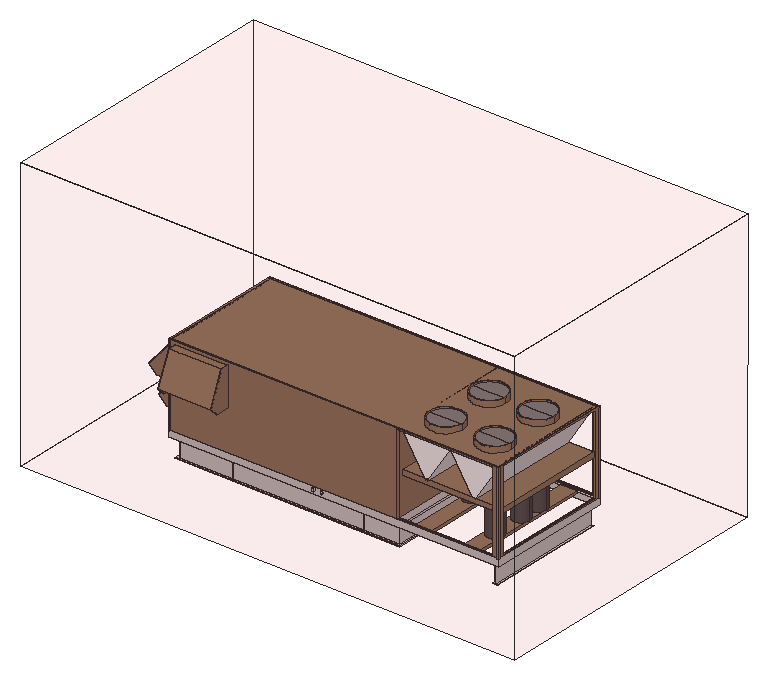
Revit family (continued)
Definition of nested family "Commercial_Comfort_Systems-Series_40-JCI-Unit_Cabinet-Bottom_Supply_And_Return-Water_Heating"
  Forms (in)
    Revolve 11, void, detail levels medium+fine
      sketch origin (0, -39.54, 0) x (-1, 0, 0) y (0, 0, 1)
        loop
          line (6.68719, 5.125) -> (6.68719, 0) -> (8.49969, 0) -> (8.49969, 5.125) -> (6.68719, 5.125)
        axis (8.49969, 0) -> (8.49969, 5.125)
      angle from 0 to 360
    Extrusion 12, solid, material "Metal - JCI - Steel - Galvanized - Screen" <- "Screen Material", detail levels fine
      sketch origin (0, 0, 0) x (-1, 0, 0) y (0, -1, 0)
        loop
          line (-46.18781, -46) -> (-46.18781, -45) -> (-115.50031, -45) -> (-115.50031, -46) -> (-46.18781, -46)
        loop
          line (-119.00031, -42) -> (-119.00031, 42) -> (-120.00031, 42) -> (-120.00031, -42) -> (-119.00031, -42)
        loop
          line (-46.18781, 45) -> (-46.18781, 46) -> (-115.50031, 46) -> (-115.50031, 45) -> (-46.18781, 45)
      from 5.125 to 63.5
    Extrusion 13, void
      sketch origin (0, 0, 0) x (1, 0, 0) y (0, 1, 0)
        loop
          circle (20.43781, -34.12) r 2
        loop
          circle (41.63781, -37.62) r 2
      from 0 to 4.625
  Cuts and joins
    Extrusion 10, Revolve 11, Extrusion 13 cuts Extrusion 6
  Lines and regions (in)
    Masking region 1
      outline origin (0, 0, 0) x (1, 0, 0) y (0, 1, 0)
        loop
          line (-119.99969, 46) -> (-119.99969, -46) -> (120.00031, -46) -> (120.00031, 46) -> (-119.99969, 46)
    Masking region 2, detail levels medium+fine
      outline origin (0, -45, 0) x (-1, 0, 0) y (0, 0, 1)
        loop
          line (119.99969, 64) -> (-120.00031, 64) -> (-120.00031, 0) -> (119.99969, 0) -> (119.99969, 64)
        loop
          line (-46.18781, 4.625) -> (-46.18781, 63.5) -> (-115.50031, 63.5) -> (-115.50031, 4.625) -> (-46.18781, 4.625)
    Masking region 3, detail levels medium+fine
      outline origin (120.00031, 0, 0) x (0, -1, 0) y (0, 0, 1)
        loop
          line (46, 64) -> (-46, 64) -> (-46, 0) -> (46, 0) -> (46, 64)
        loop
          line (42, 63.5) -> (-42, 63.5) -> (-42, 5.125) -> (42, 5.125) -> (42, 63.5)
    Masking region 4
      outline origin (0.00031, 0, 0) x (0, 1, 0) y (0, 0, 1)
        loop
          line (46, 64) -> (-46, 64) -> (-46, 0) -> (46, 0) -> (46, 64)
    Masking region 5, detail levels medium+fine
      outline origin (-119.99969, 0, 0) x (0, -1, 0) y (0, 0, 1)
        loop
          line (-46, 64) -> (-46, 0) -> (46, 0) -> (46, 64) -> (-46, 64)
        loop
          line (-39.5, 62) -> (-39.5, 33.89844) -> (39.5, 33.89844) -> (39.5, 62) -> (-39.5, 62)
        loop
          line (-29.75977, 29.36) -> (-29.75977, 7.94) -> (29.75977, 7.94) -> (29.75977, 29.36) -> (-29.75977, 29.36)
    Masking region 6, detail levels coarse
      outline origin (0, 0, 0) x (1, 0, 0) y (0, 0, 1)
        loop
          line (-119.99969, 64) -> (-119.99969, 0) -> (120.00031, 0) -> (120.00031, 64) -> (-119.99969, 64)
    Masking region 7
      outline origin (0, 45, 0) x (-1, 0, 0) y (0, 0, 1)
        loop
          line (-120.00031, 64) -> (-120.00031, 0) -> (119.99969, 0) -> (119.99969, 64) -> (-120.00031, 64)
        loop
          line (-115.50031, 63.5) -> (-115.50031, 5.125) -> (-46.18781, 5.125) -> (-46.18781, 63.5) -> (-115.50031, 63.5)
    model lines, style "Frame Unit", detail levels coarse
      curve 1: line (-119.99969, 46, 64) -> (120.00031, 46, 64)
      curve 2: line (-119.99969, 46, 64) -> (-119.99969, -46, 64)
      curve 3: line (-119.99969, -46, 64) -> (120.00031, -46, 64)
      curve 4: line (120.00031, 46, 64) -> (120.00031, -46, 64)
      curve 5: line (-119.99969, 46, 64) -> (-119.99969, 46, 0)
      curve 6: line (120.00031, 46, 64) -> (120.00031, 46, 0)
      curve 7: line (-119.99969, -46, 64) -> (-119.99969, -46, 0)
      curve 8: line (120.00031, -46, 64) -> (120.00031, -46, 0)
      curve 9: line (46.18781, -46, 63.5) -> (115.50031, -46, 63.5)
      curve 10: line (46.18781, -46, 63.5) -> (46.18781, -46, 5.125)
      curve 11: line (46.18781, -46, 5.125) -> (115.50031, -46, 5.125)
      curve 12: line (115.50031, -46, 63.5) -> (115.50031, -46, 5.125)
      curve 13: line (46.18781, 46, 63.5) -> (115.50031, 46, 63.5)
      curve 14: line (115.50031, 46, 63.5) -> (115.50031, 46, 5.125)
      curve 15: line (115.50031, 46, 5.125) -> (46.18781, 46, 5.125)
      curve 16: line (46.18781, 46, 5.125) -> (46.18781, 46, 63.5)
      curve 17: line (120.00031, -42, 63.5) -> (120.00031, 42, 63.5)
      curve 18: line (120.00031, -42, 63.5) -> (120.00031, -42, 5.125)
      curve 19: line (120.00031, -42, 5.125) -> (120.00031, 42, 5.125)
      curve 20: line (120.00031, 42, 63.5) -> (120.00031, 42, 5.125)
      curve 21: line (18.18781, 41.5, 0) -> (44.18781, 41.5, 0)
      curve 22: line (18.18781, -30.10938, 0) -> (44.18781, -30.10938, 0)
      curve 23: line (44.18781, 41.5, 0) -> (44.18781, -30.10938, 0)
      curve 24: line (46.18781, 44, 0) -> (117.50031, 44, 0)
      curve 25: line (117.50031, 44, 0) -> (117.50031, -44, 0)
      curve 26: line (117.50031, -44, 0) -> (46.18781, -44, 0)
      curve 27: line (46.18781, -44, 0) -> (46.18781, 44, 0)
      curve 28: line (-119.99969, 46, 0) -> (120.00031, 46, 0)
      curve 29: line (-119.99969, -46, 0) -> (-119.99969, 46, 0)
      curve 30: line (120.00031, -46, 0) -> (-119.99969, -46, 0)
      curve 31: line (120.00031, 46, 0) -> (120.00031, -46, 0)
      curve 34: line (18.18781, 41.5, 0) -> (18.18781, -30.10938, 0)
      curve 35: line (-115.49969, 41.5, 0) -> (-76.90984, 41.5, 0)
      curve 36: line (-76.90984, 41.5, 0) -> (-76.90984, -41.5, 0)
      curve 37: line (-76.90984, -41.5, 0) -> (-115.49969, -41.5, 0)
      curve 38: line (-115.49969, -41.5, 0) -> (-115.49969, 41.5, 0)
    symbolic lines, style "Frame Unit", detail levels medium+fine
      curve 32: line (0.00031, -46, 4.625) -> (0.00031, 46, 4.625)
      curve 33: line (-119.99969, 46, 4.625) -> (120.00031, 46, 4.625)
    symbolic lines, style "Frame Unit", detail levels fine
      curve 39: line (46.18781, 0, 35.625) -> (115.50031, 0, 35.625)
      curve 40: line (46.18781, 0, 32) -> (115.50031, 0, 32)
      curve 41: line (119.00031, -42, 35.625) -> (119.00031, 42, 35.625)
      curve 42: line (120.00031, 42, 32) -> (120.00031, -42, 32)
  Dimensions and locks (in)
    "Length": plane 4 "Left of Unit" to plane 5 "Right of Unit"
    equal spacing: plane 7 "Back of Unit", plane 1 "Center (Front/Back)", plane 6 "Front of Unit"
    "Width": plane 7 "Back of Unit" to plane 6 "Front of Unit"
    "Height": plane 8 "Top of Unit" to plane 20 "Base Bottom"
    locked: plane 4 "Left of Unit" to plane 9 "Left Inset" at 1
    locked: plane 10 "Filters and Driers Right" to plane 5 "Right of Unit" at 4.5
    locked: plane 13 "Front Inset" to plane 6 "Front of Unit" at 1
    locked: plane 16 "Back Of Unit Inset" to plane 7 "Back of Unit" at 1
    locked: plane 17 "Right of Unit Inset" to plane 5 "Right of Unit" at 1
    equal spacing: plane 8 "Top of Unit", plane 19 "Center (Elevation)", plane 20 "Base Bottom"
    locked: plane 2 "Bottom of Unit" to plane 20 "Base Bottom" at 4.625
    locked: plane 21 "Open Right" to plane 5 "Right of Unit" at 2.5
    locked: plane 24 "Supply Air Back" to plane 7 "Back of Unit" at 4.5
    locked: plane 25 "Supply Air Front" to plane 24 "Supply Air Back" at 71.60938
    locked: plane 26 "Open Back" to plane 7 "Back of Unit" at 2
    locked: plane 27 "Open Front" to plane 6 "Front of Unit" at 2
    locked: plane 23 "Supply Air Left" to plane 22 "Supply Air Right" at 26
    locked: plane 7 "Back of Unit" to plane 30 "Fan Back" at 30.66667
    locked: plane 8 "Top of Unit" to plane 32 "Exhaust Air Bottom" at 30.10156
    locked: plane 34 "Compressor Acces Front" to plane 6 "Front of Unit" at 4
    locked: plane 35 "Compressor Access Back" to plane 7 "Back of Unit" at 4
    locked: plane 22 "Supply Air Right" to plane 5 "Right of Unit" at 75.8125
    locked: plane 36 "Condenser Base" to plane 19 "Center (Elevation)" at 3.625
    locked: plane 12 "Filters and Driers Left" to Extrusion 8 sketch curve at 1
    equal spacing: Extrusion 9 sketch curve, plane 28 "Right Condenser Fans", Extrusion 9 sketch curve
    locked: Extrusion 9 sketch curve to Extrusion 9 sketch curve at 12  (x2)
    locked: plane 4 "Left of Unit" to plane 37 "Rain Hood Left" at 4.5
    locked: plane 37 "Rain Hood Left" to plane 38 "Rain Hood Right" at 38.58984
    plane 39 "Power Exhaust Bottom" to plane 20 "Base Bottom" = 7.94"
    locked: plane 18 "Bottom Inset" to plane 2 "Bottom of Unit" at 0.5
    locked: plane 8 "Top of Unit" to plane 11 "Top Inset" at 0.5
    locked: plane 8 "Top of Unit" to plane 40 "Economizer Top" at 2
    plane 1 "Center (Front/Back)" to plane 41 "Return Air Front" = 41 1/2"
    locked: plane 43 "Center of Conection Opening" to plane 20 "Base Bottom" at 3.0625
    locked: plane 44 "Electrical Connection L/R" to plane 5 "Right of Unit" at 128.5
    locked: plane 45 "Electrical Connectio F/B" to plane 6 "Front of Unit" at 6.46
    "Front Electric Connection Radius": Extrusion 10 sketch curve to plane 44 "Electrical Connection L/R"
    "Front Electric Connection Radius": plane 43 "Center of Conection Opening" to Extrusion 10 sketch curve
    "Electric Connection Radius": Revolve 11 sketch curve to Revolve 11 sketch curve
    equal spacing: plane 4 "Left of Unit", plane 3 "Center (Left/Right)", plane 5 "Right of Unit"
    equal spacing: plane 37 "Rain Hood Left", plane 31 "Center of Economizer L/R", plane 38 "Rain Hood Right"
    locked: plane 42 "Power Exhaust Top" to plane 20 "Base Bottom" at 29.36
    locked: plane 22 "Supply Air Right" to plane 12 "Filters and Driers Left" at 2
    plane 28 "Right Condenser Fans" to plane 5 "Right of Unit" = 20 15/32"
    locked: plane 30 "Fan Back" to plane 29 "Fan Front" at 39.31
    equal spacing: Extrusion 9 sketch curve, plane 33 "Left Condenser Fans", Extrusion 9 sketch curve
    locked: plane 33 "Left Condenser Fans" to plane 28 "Right Condenser Fans" at 35.42
    equal spacing: plane 47 "Power Exhaust Front", plane 1 "Center (Front/Back)", plane 48 "Power Exhaust Back"
    locked: plane 47 "Power Exhaust Front" to plane 48 "Power Exhaust Back" at 59.51953
    plane 41 "Return Air Front" to plane 6 "Front of Unit" = 4 1/2"
    locked: plane 49 "Water Inlet Center F/B" to plane 6 "Front of Unit" at 11.88
    locked: plane 50 "Water Outlet Center F/B" to plane 6 "Front of Unit" at 8.38
    locked: plane 23 "Supply Air Left" to plane 51 "Water Inlet Center L/R" at 2.25
    locked: plane 52 "Water Outlet Center L/R" to plane 22 "Supply Air Right" at 2.55
    "Water Connection Radius": plane 49 "Water Inlet Center F/B" to Extrusion 13 sketch curve
    "Water Connection Radius": plane 51 "Water Inlet Center L/R" to Extrusion 13 sketch curve
    "Water Connection Radius": Extrusion 13 sketch curve to plane 52 "Water Outlet Center L/R"
    "Water Connection Radius": plane 50 "Water Outlet Center F/B" to Extrusion 13 sketch curve
    "Front Electric Connection Radius": radius of Extrusion 10 sketch curve
    "Water Connection Radius": radius of Extrusion 13 sketch curve  (x2)
    aligned and locked: plane 12 "Filters and Driers Left" to Extrusion 1 sketch curve
    aligned and locked: Extrusion 1 sketch curve to plane 10 "Filters and Driers Right"
    aligned and locked: Extrusion 1 sketch curve to plane 11 "Top Inset"
    aligned and locked: Extrusion 1 sketch curve to plane 8 "Top of Unit"
    aligned and locked: Extrusion 1 sketch curve to plane 5 "Right of Unit"
    aligned and locked: plane 2 "Bottom of Unit" to Extrusion 1 sketch curve
    aligned and locked: Extrusion 1 sketch curve to plane 4 "Left of Unit"
    aligned and locked: Extrusion 1 to plane 6 "Front of Unit"
    aligned and locked: plane 13 "Front Inset" to Extrusion 1
    aligned and locked: Extrusion 2 sketch curve to plane 8 "Top of Unit"
    aligned and locked: Extrusion 2 sketch curve to plane 11 "Top Inset"
    aligned and locked: plane 6 "Front of Unit" to Extrusion 2 sketch curve
    aligned and locked: plane 2 "Bottom of Unit" to Extrusion 2 sketch curve
    aligned and locked: plane 7 "Back of Unit" to Extrusion 2 sketch curve
    aligned and locked: plane 5 "Right of Unit" to Extrusion 2
    aligned and locked: Extrusion 2 to plane 17 "Right of Unit Inset"
    aligned and locked: Extrusion 3 sketch curve to plane 5 "Right of Unit"
    aligned and locked: Extrusion 3 sketch curve to plane 10 "Filters and Driers Right"
    aligned and locked: Extrusion 3 sketch curve to plane 8 "Top of Unit"
    aligned and locked: Extrusion 3 sketch curve to plane 11 "Top Inset"
    aligned and locked: plane 12 "Filters and Driers Left" to Extrusion 3 sketch curve
    aligned and locked: plane 2 "Bottom of Unit" to Extrusion 3 sketch curve
    aligned and locked: Extrusion 3 sketch curve to plane 4 "Left of Unit"
    aligned and locked: Extrusion 3 to plane 7 "Back of Unit"
    aligned and locked: plane 16 "Back Of Unit Inset" to Extrusion 3
    aligned and locked: Extrusion 4 sketch curve to plane 8 "Top of Unit"
    aligned and locked: plane 14 "Exhaust Air Front" to Extrusion 4 sketch curve
    aligned and locked: plane 15 "Exhaust Air Back" to Extrusion 4 sketch curve
    aligned and locked: plane 7 "Back of Unit" to Extrusion 4 sketch curve
    aligned and locked: plane 6 "Front of Unit" to Extrusion 4 sketch curve
    aligned and locked: plane 2 "Bottom of Unit" to Extrusion 4 sketch curve
    aligned and locked: plane 4 "Left of Unit" to Extrusion 4
    aligned and locked: Extrusion 4 to plane 9 "Left Inset"
    aligned and locked: plane 16 "Back Of Unit Inset" to Extrusion 5 sketch curve
    aligned and locked: Extrusion 5 sketch curve to plane 17 "Right of Unit Inset"
    aligned and locked: Extrusion 5 sketch curve to plane 9 "Left Inset"
    aligned and locked: plane 13 "Front Inset" to Extrusion 5 sketch curve
    aligned and locked: plane 8 "Top of Unit" to Extrusion 5
    aligned and locked: plane 20 "Base Bottom" to level
    aligned and locked: plane 24 "Supply Air Back" to Extrusion 6 sketch curve  (x2)
    aligned and locked: Extrusion 6 sketch curve to plane 23 "Supply Air Left"
    aligned and locked: Extrusion 6 sketch curve to plane 22 "Supply Air Right"
    aligned and locked: Extrusion 6 sketch curve to plane 25 "Supply Air Front"
    aligned and locked: Extrusion 6 sketch curve to plane 21 "Open Right"
    aligned and locked: plane 12 "Filters and Driers Left" to Extrusion 6 sketch curve
    aligned and locked: plane 7 "Back of Unit" to Extrusion 6 sketch curve
    aligned and locked: Extrusion 6 sketch curve to plane 5 "Right of Unit"
    aligned and locked: plane 6 "Front of Unit" to Extrusion 6 sketch curve
    aligned and locked: Extrusion 6 sketch curve to plane 4 "Left of Unit"
    aligned and locked: Extrusion 6 to plane 20 "Base Bottom"
    aligned and locked: plane 2 "Bottom of Unit" to Extrusion 6
    aligned and locked: plane 26 "Open Back" to Extrusion 6 sketch curve
    aligned and locked: plane 27 "Open Front" to Extrusion 6 sketch curve
    aligned and locked: plane 7 "Back of Unit" to Masking region 1 sketch curve
    aligned and locked: Masking region 1 sketch curve to plane 4 "Left of Unit"
    aligned and locked: Masking region 1 sketch curve to plane 5 "Right of Unit"
    aligned and locked: plane 6 "Front of Unit" to Masking region 1 sketch curve
    aligned and locked: plane 4 "Left of Unit" to curve 2
    aligned and locked: plane 4 "Left of Unit" to curve 3
    aligned and locked: plane 5 "Right of Unit" to curve 3
    aligned and locked: curve 3 to plane 6 "Front of Unit"
    aligned and locked: plane 6 "Front of Unit" to curve 4
    aligned and locked: plane 4 "Left of Unit" to curve 1
    aligned and locked: plane 5 "Right of Unit" to curve 1
    aligned and locked: plane 7 "Back of Unit" to curve 4
    aligned and locked: plane 6 "Front of Unit" to curve 2
    aligned and locked: plane 8 "Top of Unit" to curve 5
    aligned and locked: plane 20 "Base Bottom" to curve 5
    aligned and locked: plane 20 "Base Bottom" to curve 7
    aligned and locked: plane 8 "Top of Unit" to curve 7
    aligned and locked: plane 4 "Left of Unit" to curve 5
    aligned and locked: plane 4 "Left of Unit" to curve 7
    aligned and locked: plane 20 "Base Bottom" to curve 6
    aligned and locked: plane 20 "Base Bottom" to curve 8
    aligned and locked: plane 8 "Top of Unit" to curve 6
    aligned and locked: plane 8 "Top of Unit" to curve 8
    aligned and locked: curve 6 to plane 5 "Right of Unit"
    aligned and locked: curve 8 to plane 5 "Right of Unit"
    aligned and locked: plane 11 "Top Inset" to curve 12
    aligned and locked: plane 10 "Filters and Driers Right" to curve 9
    aligned and locked: plane 10 "Filters and Driers Right" to curve 11
    aligned and locked: plane 11 "Top Inset" to curve 10
    aligned and locked: plane 12 "Filters and Driers Left" to curve 11
    aligned and locked: plane 12 "Filters and Driers Left" to curve 9
    aligned and locked: curve 11 to curve 12
    aligned and locked: plane 12 "Filters and Driers Left" to curve 13
    aligned and locked: plane 11 "Top Inset" to curve 14
    aligned and locked: curve 13 to plane 11 "Top Inset"
    aligned and locked: plane 10 "Filters and Driers Right" to curve 15
    aligned and locked: plane 12 "Filters and Driers Left" to curve 15
    aligned and locked: plane 11 "Top Inset" to curve 16
    aligned and locked: plane 10 "Filters and Driers Right" to curve 13
    aligned and locked: plane 11 "Top Inset" to curve 18
    aligned and locked: plane 11 "Top Inset" to curve 20
    aligned and locked: plane 27 "Open Front" to curve 25
    aligned and locked: plane 21 "Open Right" to curve 24
    aligned and locked: plane 26 "Open Back" to curve 27
    aligned and locked: plane 22 "Supply Air Right" to curve 21
    aligned and locked: plane 7 "Back of Unit" to curve 31
    aligned and locked: plane 5 "Right of Unit" to curve 30
    aligned and locked: curve 31 to plane 5 "Right of Unit"
    aligned and locked: plane 6 "Front of Unit" to curve 30
    aligned and locked: plane 6 "Front of Unit" to curve 29
    aligned and locked: plane 7 "Back of Unit" to curve 29
    aligned and locked: curve 29 to plane 4 "Left of Unit"
    aligned and locked: plane 4 "Left of Unit" to curve 28
    aligned and locked: plane 8 "Top of Unit" to Masking region 2 sketch curve
    aligned and locked: plane 5 "Right of Unit" to Masking region 2 sketch curve
    aligned and locked: plane 4 "Left of Unit" to Masking region 2 sketch curve
    aligned and locked: Masking region 3 sketch curve to plane 8 "Top of Unit"
    aligned and locked: plane 6 "Front of Unit" to Masking region 3 sketch curve
    aligned and locked: plane 7 "Back of Unit" to Masking region 3 sketch curve
    aligned and locked: plane 20 "Base Bottom" to Masking region 3 sketch curve
    aligned and locked: plane 7 "Back of Unit" to curve 32
    aligned and locked: plane 6 "Front of Unit" to curve 32
    aligned and locked: curve 32 to plane 2 "Bottom of Unit"
    aligned and locked: Masking region 2 sketch curve to plane 20 "Base Bottom"
    aligned and locked: plane 5 "Right of Unit" to curve 33
    aligned and locked: plane 4 "Left of Unit" to curve 33
    aligned and locked: curve 33 to plane 2 "Bottom of Unit"
    aligned and locked: plane 18 "Bottom Inset" to Extrusion 3
    aligned and locked: plane 18 "Bottom Inset" to curve 15
    aligned and locked: plane 18 "Bottom Inset" to Extrusion 2
    aligned and locked: curve 19 to plane 18 "Bottom Inset"
    aligned and locked: plane 35 "Compressor Access Back" to Extrusion 2 sketch curve
    aligned and locked: plane 34 "Compressor Acces Front" to Extrusion 2 sketch curve
    aligned and locked: plane 35 "Compressor Access Back" to curve 20
    aligned and locked: plane 32 "Exhaust Air Bottom" to Extrusion 1 sketch curve
    aligned and locked: plane 32 "Exhaust Air Bottom" to Extrusion 3 sketch curve
    aligned and locked: plane 32 "Exhaust Air Bottom" to Extrusion 4 sketch curve
    aligned and locked: plane 12 "Filters and Driers Left" to Extrusion 7 sketch curve
    aligned and locked: plane 19 "Center (Elevation)" to Extrusion 7 sketch curve
    aligned and locked: Extrusion 7 sketch curve to plane 36 "Condenser Base"
    aligned and locked: Extrusion 8 sketch curve to plane 12 "Filters and Driers Left"
    aligned and locked: Extrusion 8 sketch curve to plane 11 "Top Inset"
    aligned and locked: plane 18 "Bottom Inset" to Extrusion 8 sketch curve
    aligned and locked: Extrusion 8 to plane 16 "Back Of Unit Inset"
    aligned and locked: Extrusion 8 to plane 13 "Front Inset"
    aligned and locked: plane 27 "Open Front" to Extrusion 9 sketch curve  (x2)
    aligned and locked: plane 26 "Open Back" to Extrusion 9 sketch curve  (x2)
    aligned and locked: Extrusion 9 to plane 2 "Bottom of Unit"
    aligned and locked: plane 2 "Bottom of Unit" to Masking region 2 sketch curve
    aligned and locked: plane 12 "Filters and Driers Left" to Masking region 2 sketch curve
    aligned and locked: plane 35 "Compressor Access Back" to curve 17
    aligned and locked: plane 35 "Compressor Access Back" to curve 19
    aligned and locked: plane 34 "Compressor Acces Front" to curve 17
    aligned and locked: plane 34 "Compressor Acces Front" to curve 19
    aligned and locked: plane 18 "Bottom Inset" to curve 20
    aligned and locked: plane 18 "Bottom Inset" to curve 18
    aligned and locked: curve 11 to curve 15
    aligned and locked: curve 9 to curve 13
    aligned and locked: plane 18 "Bottom Inset" to curve 10
    aligned and locked: plane 4 "Left of Unit" to curve 30
    aligned and locked: plane 5 "Right of Unit" to curve 28
    aligned and locked: plane 6 "Front of Unit" to curve 31
    aligned and locked: plane 7 "Back of Unit" to curve 2
    aligned and locked: plane 34 "Compressor Acces Front" to Masking region 3 sketch curve
    aligned and locked: plane 18 "Bottom Inset" to Masking region 3 sketch curve
    aligned and locked: plane 35 "Compressor Access Back" to Masking region 3 sketch curve
    aligned and locked: Extrusion 1 sketch curve to plane 40 "Economizer Top"
    aligned and locked: Extrusion 3 sketch curve to plane 40 "Economizer Top"
    aligned and locked: Extrusion 5 to plane 11 "Top Inset"
    aligned and locked: plane 40 "Economizer Top" to Extrusion 4 sketch curve
    aligned and locked: Masking region 4 sketch curve to plane 8 "Top of Unit"
    aligned and locked: plane 7 "Back of Unit" to Masking region 4 sketch curve
    aligned and locked: plane 6 "Front of Unit" to Masking region 4 sketch curve
    aligned and locked: plane 20 "Base Bottom" to Masking region 4 sketch curve
    aligned and locked: Extrusion 4 sketch curve to plane 42 "Power Exhaust Top"
    aligned and locked: plane 39 "Power Exhaust Bottom" to Extrusion 4 sketch curve
    aligned and locked: plane 39 "Power Exhaust Bottom" to Masking region 5 sketch curve
    aligned and locked: Masking region 5 sketch curve to plane 42 "Power Exhaust Top"
    aligned and locked: plane 32 "Exhaust Air Bottom" to Masking region 5 sketch curve
    aligned and locked: Masking region 5 sketch curve to plane 40 "Economizer Top"
    aligned and locked: plane 14 "Exhaust Air Front" to Masking region 5 sketch curve
    aligned and locked: plane 15 "Exhaust Air Back" to Masking region 5 sketch curve
    aligned and locked: plane 6 "Front of Unit" to Masking region 5 sketch curve
    aligned and locked: Masking region 5 sketch curve to plane 8 "Top of Unit"
    aligned and locked: plane 20 "Base Bottom" to Masking region 5 sketch curve
    aligned and locked: plane 7 "Back of Unit" to Masking region 5 sketch curve
    aligned and locked: plane 20 "Base Bottom" to Masking region 6 sketch curve
    aligned and locked: Masking region 6 sketch curve to plane 4 "Left of Unit"
    aligned and locked: Masking region 6 sketch curve to plane 5 "Right of Unit"
    aligned and locked: Masking region 6 sketch curve to plane 8 "Top of Unit"
    aligned and locked: Extrusion 10 to plane 6 "Front of Unit"
    aligned and locked: Revolve 11 sketch curve to plane 44 "Electrical Connection L/R"
    aligned and locked: Revolve 11 sketch curve to Revolve 11 sketch curve
    aligned and locked: plane 20 "Base Bottom" to Revolve 11 sketch curve
    aligned and locked: Revolve 11 sketch curve to plane 18 "Bottom Inset"
    aligned and locked: plane 11 "Top Inset" to Masking region 2 sketch curve
    aligned and locked: Masking region 7 to plane 11 "Top Inset"
    aligned and locked: plane 8 "Top of Unit" to Masking region 7
    aligned and locked: Masking region 7 to plane 10 "Filters and Driers Right"
    aligned and locked: plane 12 "Filters and Driers Left" to Masking region 7
    aligned and locked: plane 18 "Bottom Inset" to Masking region 7
    aligned and locked: plane 5 "Right of Unit" to Masking region 7 sketch curve
    aligned and locked: Masking region 7 sketch curve to plane 20 "Base Bottom"
    aligned and locked: plane 4 "Left of Unit" to Masking region 7 sketch curve
    aligned and locked: Extrusion 7 to plane 34 "Compressor Acces Front"
    aligned and locked: Extrusion 7 to plane 35 "Compressor Access Back"
    aligned and locked: Masking region 3 sketch curve to plane 11 "Top Inset"
    aligned and locked: Extrusion 1 sketch curve to plane 37 "Rain Hood Left"
    aligned and locked: plane 38 "Rain Hood Right" to Extrusion 1 sketch curve
    aligned and locked: plane 38 "Rain Hood Right" to Extrusion 3 sketch curve
    aligned and locked: Extrusion 3 sketch curve to plane 37 "Rain Hood Left"
    aligned and locked: plane 22 "Supply Air Right" to curve 22
    aligned and locked: plane 25 "Supply Air Front" to curve 23
    aligned and locked: plane 23 "Supply Air Left" to curve 22
    aligned and locked: plane 24 "Supply Air Back" to curve 23
    aligned and locked: plane 23 "Supply Air Left" to curve 21
    aligned and locked: Extrusion 4 sketch curve to plane 48 "Power Exhaust Back"
    aligned and locked: Masking region 5 sketch curve to plane 48 "Power Exhaust Back"
    aligned and locked: Masking region 5 sketch curve to plane 47 "Power Exhaust Front"
    aligned and locked: Extrusion 4 sketch curve to plane 47 "Power Exhaust Front"
    aligned and locked: Extrusion 7 sketch curve to plane 17 "Right of Unit Inset"
    aligned and locked: plane 24 "Supply Air Back" to curve 34
    aligned and locked: plane 25 "Supply Air Front" to curve 34
    aligned and locked: plane 27 "Open Front" to curve 27
    aligned and locked: plane 27 "Open Front" to curve 26
    aligned and locked: plane 21 "Open Right" to curve 26
    aligned and locked: plane 12 "Filters and Driers Left" to curve 26
    aligned and locked: plane 26 "Open Back" to curve 25
    aligned and locked: plane 12 "Filters and Driers Left" to curve 24
    aligned and locked: plane 12 "Filters and Driers Left" to Extrusion 12 sketch curve  (x2)
    aligned and locked: Extrusion 12 sketch curve to plane 10 "Filters and Driers Right"  (x2)
    aligned and locked: Extrusion 12 sketch curve to plane 13 "Front Inset"
    aligned and locked: plane 6 "Front of Unit" to Extrusion 12 sketch curve
    aligned and locked: plane 34 "Compressor Acces Front" to Extrusion 12 sketch curve
    aligned and locked: plane 35 "Compressor Access Back" to Extrusion 12 sketch curve
    aligned and locked: plane 17 "Right of Unit Inset" to Extrusion 12 sketch curve
    aligned and locked: Extrusion 12 sketch curve to plane 5 "Right of Unit"
    aligned and locked: Extrusion 12 sketch curve to plane 16 "Back Of Unit Inset"
    aligned and locked: plane 7 "Back of Unit" to Extrusion 12 sketch curve
    aligned and locked: plane 11 "Top Inset" to Extrusion 12
    aligned and locked: Extrusion 12 to plane 18 "Bottom Inset"
    aligned and locked: Extrusion 9 to plane 43 "Center of Conection Opening"
    aligned and locked: plane 2 "Bottom of Unit" to Extrusion 13
    aligned and locked: Extrusion 13 to plane 20 "Base Bottom"
    aligned and locked: plane 37 "Rain Hood Left" to curve 35
    aligned and locked: plane 38 "Rain Hood Right" to curve 35
    aligned and locked: plane 24 "Supply Air Back" to curve 35
    aligned and locked: plane 41 "Return Air Front" to curve 36
    aligned and locked: plane 41 "Return Air Front" to curve 38
    aligned and locked: plane 38 "Rain Hood Right" to curve 37
    aligned and locked: curve 38 to plane 37 "Rain Hood Left"
    aligned and locked: plane 24 "Supply Air Back" to curve 36
    aligned and locked: plane 37 "Rain Hood Left" to curve 37
    aligned and locked: plane 24 "Supply Air Back" to curve 38
    aligned and locked: Extrusion 6 sketch curve to plane 41 "Return Air Front"
    aligned and locked: Extrusion 6 sketch curve to plane 37 "Rain Hood Left"
    aligned and locked: plane 38 "Rain Hood Right" to Extrusion 6 sketch curve
    aligned and locked: plane 12 "Filters and Driers Left" to curve 39
    aligned and locked: plane 12 "Filters and Driers Left" to curve 40
    aligned and locked: plane 10 "Filters and Driers Right" to curve 40
    aligned and locked: plane 10 "Filters and Driers Right" to curve 39
    aligned and locked: curve 40 to plane 19 "Center (Elevation)"
    aligned and locked: curve 39 to plane 36 "Condenser Base"
    aligned and locked: plane 34 "Compressor Acces Front" to curve 42
    aligned and locked: plane 35 "Compressor Access Back" to curve 42
    aligned and locked: plane 19 "Center (Elevation)" to curve 42
    aligned and locked: curve 41 to plane 36 "Condenser Base"
    aligned and locked: plane 35 "Compressor Access Back" to curve 41
    aligned and locked: plane 34 "Compressor Acces Front" to curve 41
  Automatic sketch dimensions
    Extrusion 1 sketch curve to plane 18 "Bottom Inset" = 0"
    Extrusion 2 sketch curve to plane 18 "Bottom Inset" = 0"
    Extrusion 3 sketch curve to plane 18 "Bottom Inset" = 0"
    curve 1 to plane 7 "Back of Unit" = 0"
    curve 10 to plane 12 "Filters and Driers Left" = 0"
    Masking region 2 sketch curve to plane 10 "Filters and Driers Right" = 0"
    Revolve 11 sketch curve to level = 241.30534"
    plane 8 "Top of Unit" to Revolve 11 sketch curve = 282.03032"
    Masking region 7 sketch curve to plane 10 "Filters and Driers Right" = 0"
    Masking region 7 sketch curve to plane 11 "Top Inset" = 0"
    Masking region 7 sketch curve to plane 12 "Filters and Driers Left" = 0"
    Masking region 7 sketch curve to plane 18 "Bottom Inset" = 0"
    Masking region 7 sketch curve to plane 8 "Top of Unit" = 0"
Definition of nested family "Include Clearance"
  Parameters (values of type "Include Clearance")
    Width = 36"
    Height = 36"
    Depth = 36"
    Clearance Top = 6"
    Clearance Right = 6"
    Clearance Material = Clearance
    Clearance Left = 6"
    Clearance Front = 6"
    Clearance Bottom = 6"
    Clearance Back = 6"
    Assembly Code = ""
  Reference planes (in)
    plane 1 "Center (Front/Back)": y = 0
    plane 2 "Bottom": z = 0
    plane 3 "Center (Left/Right)": x = 0
    plane 4 "Clearance Front": y = -24
    plane 5 "Top": z = 36
    plane 6 "Back": y = 18
    plane 7 "Left": x = -18
    plane 8 "Front": y = -18
    plane 9 "Right": x = 18
    plane 10 "Clearance Back": y = 24
    plane 11 "Clearance Left": x = -24
    plane 12 "Clearance Right": x = 24
    plane 13 "Clearance Top": z = 42
    plane 14 "Clearance Bottom": z = -6
  Forms (in)
    Extrusion 1, solid, material "Clearance" <- "Clearance Material"
      sketch origin (0, 0, 36) x (-1, 0, 0) y (0, -1, 0)
        loop
          line (24, -24) -> (24, 24) -> (-24, 24) -> (-24, -24) -> (24, -24)
      from -42 to 6
  Lines and regions (in)
    symbolic lines, style "Clearance"
      curve 1: line (-24, 24, 36) -> (24, 24, 36)
      curve 2: line (-24, -24, 36) -> (-24, 24, 36)
      curve 3: line (24, -24, 36) -> (-24, -24, 36)
      curve 4: line (24, 24, 36) -> (24, -24, 36)
      curve 5: line (-24, 0, 42) -> (24, 0, 42)
      curve 6: line (-24, 0, -6) -> (-24, 0, 42)
      curve 7: line (24, 0, -6) -> (-24, 0, -6)
      curve 8: line (24, 0, 42) -> (24, 0, -6)
      curve 9: line (0, -24, 42) -> (0, 24, 42)
      curve 10: line (0, -24, -6) -> (0, -24, 42)
      curve 11: line (0, 24, -6) -> (0, -24, -6)
      curve 12: line (0, 24, 42) -> (0, 24, -6)
  Dimensions and locks (in)
    "Height": plane 5 "Top" to plane 2 "Bottom"
    "Depth": plane 6 "Back" to plane 8 "Front"
    "Width": plane 7 "Left" to plane 9 "Right"
    equal spacing: plane 7 "Left", plane 3 "Center (Left/Right)", plane 9 "Right"
    equal spacing: plane 6 "Back", plane 1 "Center (Front/Back)", plane 8 "Front"
    "Clearance Bottom": plane 2 "Bottom" to plane 14 "Clearance Bottom"
    "Clearance Top": plane 13 "Clearance Top" to plane 5 "Top"
    "Clearance Left": plane 11 "Clearance Left" to plane 7 "Left"
    "Clearance Right": plane 9 "Right" to plane 12 "Clearance Right"
    "Clearance Back": plane 10 "Clearance Back" to plane 6 "Back"
    "Clearance Front": plane 4 "Clearance Front" to plane 8 "Front"
    aligned and locked: level to plane 2 "Bottom"
    aligned and locked: Extrusion 1 sketch curve to plane 10 "Clearance Back"
    aligned and locked: Extrusion 1 sketch curve to plane 11 "Clearance Left"
    aligned and locked: Extrusion 1 sketch curve to plane 12 "Clearance Right"
    aligned and locked: Extrusion 1 sketch curve to plane 4 "Clearance Front"
    aligned and locked: plane 14 "Clearance Bottom" to Extrusion 1
    aligned and locked: plane 13 "Clearance Top" to Extrusion 1
    aligned and locked: curve 1 to plane 10 "Clearance Back"
    aligned and locked: curve 2 to plane 11 "Clearance Left"
    aligned and locked: curve 4 to plane 12 "Clearance Right"
    aligned and locked: curve 3 to plane 4 "Clearance Front"
    aligned and locked: curve 5 to plane 13 "Clearance Top"
    aligned and locked: curve 6 to plane 11 "Clearance Left"
    aligned and locked: curve 7 to plane 14 "Clearance Bottom"
    aligned and locked: curve 8 to plane 12 "Clearance Right"
    aligned and locked: curve 9 to plane 13 "Clearance Top"
    aligned and locked: curve 11 to plane 14 "Clearance Bottom"
    aligned and locked: curve 12 to plane 10 "Clearance Back"
    aligned and locked: curve 10 to plane 4 "Clearance Front"
Definition of nested family "Commercial_Comfort_Systems-Series_40-JCI-Power_Exhaust"
  Parameters (values of type "Power Exhaust Optional")
    Width = 59 133/256"  # constant formula
    Power Exhaust = yes
    No Power Exhaust = not(Power Exhaust)  # no
    Material = Paint - JCI - Powder Coated - Champagne
    Height = 21 27/64"  # constant formula
    Depth = 20 31/256"  # constant formula
    Assembly Code = ""
  Reference planes (in)
    plane 1 "Back": y = 0
    plane 2 "Bottom": z = 0
    plane 3 "Center (Left/Right)": x = 0
    plane 4 "Front": y = -20.12109
    plane 5 "Top": z = 21.42187
    plane 6 "Center F/B": y = -14.19109
    plane 7 "Back Inset": y = -10.18359
    plane 8 "Bottom Inset": z = 6
    plane 9 "Right": x = 29.75977
    plane 10 "Left": x = -29.75977
    plane 11 "Left Inset": x = -29.63477
    plane 12 "Right Inset": x = 29.63477
    plane 13 "Top Inset": z = 21.23437
    plane 14 "Front Inset": y = -19.87109
    plane 15 "Center (Elevation)": z = 10.71094
    plane 16 "Back Offset": y = 0.5
  Forms (in)
    Extrusion 1, solid, material "Paint - JCI - Powder Coated - Champagne" <- "Material", visible <- "Power Exhaust", detail levels fine
      sketch origin (0, 0, 0) x (0, 1, 0) y (0, 0, 1)
        loop
          line (-10.18359, 21.42187) -> (-20.12109, 6) -> (-14.19109, 0) -> (0, 0) -> (0, 21.42187) -> (-10.18359, 21.42187)
      from 29.63477 to 29.75977
    Extrusion 2, solid, material "Paint - JCI - Powder Coated - Champagne" <- "Material", visible <- "Power Exhaust", detail levels fine
      sketch origin (0, 0, 0) x (0, 1, 0) y (0, 0, 1)
        loop
          line (0, 21.42187) -> (-10.18359, 21.42187) -> (-20.12109, 6) -> (-14.19109, 0) -> (0, 0) -> (0, 21.42187)
      from -29.75977 to -29.63477
    Extrusion 3, solid, material "Paint - JCI - Powder Coated - Champagne" <- "Material", visible <- "Power Exhaust", detail levels fine
      sketch origin (0, 0, 0) x (0, 1, 0) y (0, 0, 1)
        loop
          line (-10.18359, 21.42187) -> (-20.12109, 6) -> (-19.87109, 6) -> (-10.18359, 21.23437) -> (0, 21.23437) -> (0, 21.42187) -> (-10.18359, 21.42187)
      from -29.63477 to 29.63477
    Extrusion 4, solid, material "Paint - JCI - Powder Coated - Champagne" <- "Material", visible <- "No Power Exhaust", detail levels fine
      sketch origin (0, 0, 0) x (1, 0, 0) y (0, 0, 1)
        loop
          line (-29.75977, 21.42187) -> (-29.75977, 0) -> (29.75977, 0) -> (29.75977, 21.42187) -> (-29.75977, 21.42187)
      from -0.5 to 0
  Lines and regions (in)
    Masking region 1, visible <- "Power Exhaust", detail levels medium+fine
      outline origin (0, 0, 0) x (0, 1, 0) y (0, 0, 1)
        loop
          line (-10.18359, 21.42187) -> (-20.12109, 6) -> (-14.19109, 0) -> (0, 0) -> (0, 21.42187) -> (-10.18359, 21.42187)
    Masking region 2, visible <- "Power Exhaust", detail levels fine
      outline origin (0, -14.19109, 0) x (0, 0, -1) y (1, 0, 0)
        loop
          line (-21.42187, -29.75977) -> (0, -29.75977) -> (0, 29.75977) -> (-21.42187, 29.75977) -> (-21.42187, -29.75977)
    Masking region 3, visible <- "Power Exhaust", detail levels fine
      outline origin (0, 0, 0) x (1, 0, 0) y (0, 1, 0)
        loop
          line (-29.75977, 0) -> (-29.75977, -20.12109) -> (29.75977, -20.12109) -> (29.75977, 0) -> (-29.75977, 0)
    symbolic lines, style "Rain Hoods", detail levels fine
      curve 1: line (-29.75977, -10.18359, 0) -> (29.75977, -10.18359, 0)
  Dimensions and locks (in)
    "Depth": plane 4 "Front" to plane 1 "Back"
    "Height": plane 5 "Top" to plane 2 "Bottom"
    locked: plane 4 "Front" to plane 7 "Back Inset" at 9.9375
    locked: plane 4 "Front" to plane 6 "Center F/B" at 5.93
    locked: plane 8 "Bottom Inset" to plane 2 "Bottom" at 6
    locked: plane 12 "Right Inset" to plane 9 "Right" at 0.125
    locked: plane 11 "Left Inset" to plane 10 "Left" at 0.125
    "Width": plane 9 "Right" to plane 10 "Left"
    equal spacing: plane 9 "Right", plane 3 "Center (Left/Right)", plane 10 "Left"
    locked: plane 5 "Top" to plane 13 "Top Inset" at 0.1875
    locked: plane 4 "Front" to plane 14 "Front Inset" at 0.25
    equal spacing: plane 5 "Top", plane 15 "Center (Elevation)", plane 2 "Bottom"
    locked: plane 1 "Back" to plane 16 "Back Offset" at 0.5
    aligned and locked: level to plane 2 "Bottom"
    aligned and locked: plane 4 "Front" to Extrusion 1 sketch curve
    aligned and locked: plane 8 "Bottom Inset" to Extrusion 1 sketch curve
    aligned and locked: plane 6 "Center F/B" to Extrusion 1 sketch curve
    aligned and locked: Extrusion 1 sketch curve to plane 2 "Bottom"
    aligned and locked: Extrusion 1 sketch curve to plane 1 "Back"
    aligned and locked: plane 5 "Top" to Extrusion 1 sketch curve  (x2)
    aligned and locked: plane 7 "Back Inset" to Extrusion 1 sketch curve
    aligned and locked: Extrusion 1 to plane 9 "Right"
    aligned and locked: plane 12 "Right Inset" to Extrusion 1
    aligned and locked: plane 2 "Bottom" to Extrusion 2 sketch curve
    aligned and locked: plane 6 "Center F/B" to Extrusion 2 sketch curve
    aligned and locked: plane 8 "Bottom Inset" to Extrusion 2 sketch curve
    aligned and locked: plane 5 "Top" to Extrusion 2 sketch curve
    aligned and locked: plane 4 "Front" to Extrusion 2 sketch curve
    aligned and locked: plane 7 "Back Inset" to Extrusion 2 sketch curve
    aligned and locked: Extrusion 2 sketch curve to plane 5 "Top"
    aligned and locked: Extrusion 2 sketch curve to plane 1 "Back"
    aligned and locked: Extrusion 2 sketch curve to plane 2 "Bottom"
    aligned and locked: plane 11 "Left Inset" to Extrusion 2
    aligned and locked: Extrusion 2 to plane 10 "Left"
    aligned and locked: plane 8 "Bottom Inset" to Extrusion 3 sketch curve
    aligned and locked: plane 13 "Top Inset" to Extrusion 3 sketch curve  (x2)
    aligned and locked: plane 4 "Front" to Extrusion 3 sketch curve
    aligned and locked: plane 14 "Front Inset" to Extrusion 3 sketch curve
    aligned and locked: Extrusion 3 sketch curve to plane 8 "Bottom Inset"
    aligned and locked: plane 7 "Back Inset" to Extrusion 3 sketch curve  (x2)
    aligned and locked: plane 1 "Back" to Extrusion 3 sketch curve
    aligned and locked: Extrusion 3 sketch curve to plane 5 "Top"
    aligned and locked: Extrusion 3 to plane 12 "Right Inset"
    aligned and locked: Extrusion 3 to plane 11 "Left Inset"
    aligned and locked: plane 8 "Bottom Inset" to Masking region 1 sketch curve
    aligned and locked: plane 4 "Front" to Masking region 1 sketch curve
    aligned and locked: plane 5 "Top" to Masking region 1 sketch curve
    aligned and locked: plane 6 "Center F/B" to Masking region 1 sketch curve
    aligned and locked: plane 7 "Back Inset" to Masking region 1 sketch curve
    aligned and locked: plane 2 "Bottom" to Masking region 1 sketch curve
    aligned and locked: plane 1 "Back" to Masking region 1 sketch curve
    aligned and locked: Masking region 2 sketch curve to plane 5 "Top"
    aligned and locked: plane 10 "Left" to Masking region 2 sketch curve
    aligned and locked: plane 2 "Bottom" to Masking region 2 sketch curve
    aligned and locked: plane 9 "Right" to Masking region 2 sketch curve
    aligned and locked: Masking region 3 sketch curve to plane 4 "Front"
    aligned and locked: plane 9 "Right" to Masking region 3 sketch curve
    aligned and locked: plane 1 "Back" to Masking region 3 sketch curve
    aligned and locked: Masking region 3 sketch curve to plane 10 "Left"
    aligned and locked: plane 9 "Right" to curve 1
    aligned and locked: plane 10 "Left" to curve 1
    aligned and locked: plane 7 "Back Inset" to curve 1
    aligned and locked: Extrusion 4 sketch curve to plane 5 "Top"
    aligned and locked: plane 9 "Right" to Extrusion 4 sketch curve
    aligned and locked: plane 10 "Left" to Extrusion 4 sketch curve
    aligned and locked: plane 2 "Bottom" to Extrusion 4 sketch curve
    aligned and locked: plane 1 "Back" to Extrusion 4
    aligned and locked: Extrusion 4 to plane 16 "Back Offset"
Definition of nested family "Commercial_Comfort_Systems-Series_40-JCI-Exhaust_Standard"
  Parameters (values of type "Exhaust")
    Width = 79"  # constant formula
    Material = Paint - JCI - Powder Coated - Champagne
    Height = 29 3/32"
    Depth = 19 77/128"  # constant formula
    Assembly Code = ""
  Reference planes (in)
    plane 1 "Back": y = 0
    plane 2 "Bottom": z = 0
    plane 3 "Center (Left/Right)": x = 0
    plane 4 "Front": y = -19.60156
    plane 5 "Top": z = 29.09375
    plane 6 "Center F/B": y = -13.67156
    plane 7 "Bottom Inset": z = 6
    plane 8 "Right": x = 39.5
    plane 9 "Left": x = -39.5
    plane 10 "Left Inset": x = -39.375
    plane 11 "Right Inset": x = 39.375
    plane 12 "Top Inset": z = 28.90625
    plane 13 "Front Inset": y = -19.35156
    plane 14 "Center (Elevation)": z = 14.54687
  Forms (in)
    Extrusion 1, solid, material "Paint - JCI - Powder Coated - Champagne" <- "Material", detail levels fine
      sketch origin (0, 0, 0) x (0, 1, 0) y (0, 0, 1)
        loop
          line (0, 29.09375) -> (-19.60156, 6) -> (-13.67156, 0) -> (0, 0) -> (0, 29.09375)
      from 39.375 to 39.5
    Extrusion 2, solid, material "Paint - JCI - Powder Coated - Champagne" <- "Material", detail levels fine
      sketch origin (0, 0, 0) x (0, 1, 0) y (0, 0, 1)
        loop
          line (0, 29.09375) -> (-19.60156, 6) -> (-13.67156, 0) -> (0, 0) -> (0, 29.09375)
      from -39.5 to -39.375
    Extrusion 3, solid, material "Paint - JCI - Powder Coated - Champagne" <- "Material", detail levels fine
      sketch origin (0, 0, 0) x (0, 1, 0) y (0, 0, 1)
        loop
          line (0, 29.09375) -> (-19.60156, 6) -> (-19.35156, 6) -> (0, 28.90625) -> (0, 29.09375)
      from -39.375 to 39.375
  Lines and regions (in)
    Masking region 1, detail levels medium+fine
      outline origin (0, 0, 0) x (0, 1, 0) y (0, 0, 1)
        loop
          line (0, 29.09375) -> (-19.60156, 6) -> (-13.67156, 0) -> (0, 0) -> (0, 29.09375)
    Masking region 2, detail levels fine
      outline origin (0, -13.67156, 0) x (0, 0, -1) y (1, 0, 0)
        loop
          line (-29.09375, -39.5) -> (0, -39.5) -> (0, 39.5) -> (-29.09375, 39.5) -> (-29.09375, -39.5)
    Masking region 3, detail levels fine
      outline origin (0, 0, 0) x (1, 0, 0) y (0, 1, 0)
        loop
          line (-39.5, 0) -> (-39.5, -19.60156) -> (39.5, -19.60156) -> (39.5, 0) -> (-39.5, 0)
    symbolic lines, style "Rain Hood", detail levels fine
      curve 1: line (-39.5, 0, 6) -> (39.5, 0, 6)
      curve 2: line (-39.5, -13.67156, 0) -> (39.5, -13.67156, 0)
    model lines, detail levels medium
      curve 3: line (39.5, 0, 29.09375) -> (39.5, 0, 0)
      curve 4: line (39.5, 0, 29.09375) -> (39.5, -19.60156, 6)
      curve 5: line (39.5, -13.67156, 0) -> (39.5, 0, 0)
      curve 6: line (-39.5, 0, 29.09375) -> (-39.5, 0, 0)
      curve 7: line (-39.5, 0, 0) -> (-39.5, -13.67156, 0)
      curve 8: line (-39.5, 0, 29.09375) -> (-39.5, -19.60156, 6)
      curve 9: line (-39.5, -13.67156, 0) -> (-39.5, -19.60156, 6)
      curve 10: line (39.5, -19.60156, 6) -> (39.5, -13.67156, 0)
    model lines, style "Rain Hood", detail levels medium
      curve 11: line (-39.5, 0, 29.09375) -> (39.5, 0, 29.09375)
      curve 12: line (-39.5, 0, 0) -> (39.5, 0, 0)
      curve 13: line (-39.5, -19.60156, 6) -> (39.5, -19.60156, 6)
  Dimensions and locks (in)
    "Depth": plane 4 "Front" to plane 1 "Back"
    "Height": plane 5 "Top" to plane 2 "Bottom"
    locked: plane 4 "Front" to plane 6 "Center F/B" at 5.93
    locked: plane 7 "Bottom Inset" to plane 2 "Bottom" at 6
    locked: plane 11 "Right Inset" to plane 8 "Right" at 0.125
    locked: plane 10 "Left Inset" to plane 9 "Left" at 0.125
    "Width": plane 8 "Right" to plane 9 "Left"
    equal spacing: plane 8 "Right", plane 3 "Center (Left/Right)", plane 9 "Left"
    locked: plane 5 "Top" to plane 12 "Top Inset" at 0.1875
    locked: plane 4 "Front" to plane 13 "Front Inset" at 0.25
    equal spacing: plane 5 "Top", plane 14 "Center (Elevation)", plane 2 "Bottom"
    aligned and locked: level to plane 2 "Bottom"
    aligned and locked: plane 4 "Front" to Extrusion 1 sketch curve
    aligned and locked: plane 7 "Bottom Inset" to Extrusion 1 sketch curve
    aligned and locked: plane 6 "Center F/B" to Extrusion 1 sketch curve
    aligned and locked: Extrusion 1 sketch curve to plane 2 "Bottom"
    aligned and locked: Extrusion 1 sketch curve to plane 1 "Back"
    aligned and locked: plane 5 "Top" to Extrusion 1 sketch curve
    aligned and locked: Extrusion 1 to plane 8 "Right"
    aligned and locked: plane 11 "Right Inset" to Extrusion 1
    aligned and locked: plane 2 "Bottom" to Extrusion 2 sketch curve
    aligned and locked: plane 6 "Center F/B" to Extrusion 2 sketch curve
    aligned and locked: plane 7 "Bottom Inset" to Extrusion 2 sketch curve
    aligned and locked: plane 4 "Front" to Extrusion 2 sketch curve
    aligned and locked: Extrusion 2 sketch curve to plane 1 "Back"
    aligned and locked: Extrusion 2 sketch curve to plane 2 "Bottom"
    aligned and locked: plane 10 "Left Inset" to Extrusion 2
    aligned and locked: Extrusion 2 to plane 9 "Left"
    aligned and locked: plane 7 "Bottom Inset" to Extrusion 3 sketch curve
    aligned and locked: plane 4 "Front" to Extrusion 3 sketch curve
    aligned and locked: plane 13 "Front Inset" to Extrusion 3 sketch curve
    aligned and locked: Extrusion 3 sketch curve to plane 7 "Bottom Inset"
    aligned and locked: Extrusion 3 to plane 11 "Right Inset"
    aligned and locked: Extrusion 3 to plane 10 "Left Inset"
    aligned and locked: plane 7 "Bottom Inset" to Masking region 1 sketch curve
    aligned and locked: plane 4 "Front" to Masking region 1 sketch curve
    aligned and locked: plane 6 "Center F/B" to Masking region 1 sketch curve
    aligned and locked: plane 2 "Bottom" to Masking region 1 sketch curve
    aligned and locked: Masking region 2 sketch curve to plane 5 "Top"
    aligned and locked: plane 9 "Left" to Masking region 2 sketch curve
    aligned and locked: plane 2 "Bottom" to Masking region 2 sketch curve
    aligned and locked: plane 8 "Right" to Masking region 2 sketch curve
    aligned and locked: curve 1 to plane 7 "Bottom Inset"
    aligned and locked: plane 9 "Left" to curve 1
    aligned and locked: plane 8 "Right" to curve 1
    aligned and locked: Masking region 3 sketch curve to plane 4 "Front"
    aligned and locked: plane 8 "Right" to Masking region 3 sketch curve
    aligned and locked: plane 1 "Back" to Masking region 3 sketch curve
    aligned and locked: Masking region 3 sketch curve to plane 9 "Left"
    aligned and locked: plane 8 "Right" to curve 2
    aligned and locked: plane 9 "Left" to curve 2
    aligned and locked: plane 1 "Back" to Extrusion 1 sketch curve
    aligned and locked: Extrusion 1 to Extrusion 3 sketch curve
    aligned and locked: plane 1 "Back" to Extrusion 3 sketch curve
    aligned and locked: plane 5 "Top" to Extrusion 3 sketch curve
    aligned and locked: plane 5 "Top" to Extrusion 2 sketch curve
    aligned and locked: plane 1 "Back" to Masking region 1 sketch curve
    aligned and locked: plane 5 "Top" to Masking region 1 sketch curve
    aligned and locked: plane 6 "Center F/B" to curve 2
    aligned and locked: plane 4 "Front" to curve 4
    aligned and locked: plane 7 "Bottom Inset" to curve 8
    aligned and locked: plane 2 "Bottom" to curve 9
    aligned and locked: plane 4 "Front" to curve 9
    aligned and locked: plane 7 "Bottom Inset" to curve 10
    aligned and locked: plane 6 "Center F/B" to curve 7
    aligned and locked: plane 1 "Back" to curve 7
    aligned and locked: curve 5 to plane 2 "Bottom"
    aligned and locked: plane 2 "Bottom" to curve 3
    aligned and locked: plane 5 "Top" to curve 3
    aligned and locked: plane 1 "Back" to curve 6
    aligned and locked: curve 10 to curve 9
    aligned and locked: plane 2 "Bottom" to curve 6
    aligned and locked: plane 6 "Center F/B" to curve 5
    aligned and locked: plane 1 "Back" to curve 4
    aligned and locked: plane 5 "Top" to curve 8
    aligned and locked: plane 1 "Back" to curve 5
    aligned and locked: plane 5 "Top" to curve 6
    aligned and locked: plane 8 "Right" to curve 11
    aligned and locked: plane 8 "Right" to curve 13
    aligned and locked: plane 8 "Right" to curve 12
    aligned and locked: plane 9 "Left" to curve 11
    aligned and locked: plane 9 "Left" to curve 12
    aligned and locked: plane 9 "Left" to curve 13
    aligned and locked: curve 11 to plane 5 "Top"
    aligned and locked: curve 13 to plane 7 "Bottom Inset"
    aligned and locked: curve 12 to plane 2 "Bottom"
  Automatic sketch dimensions
    Extrusion 3 sketch curve to plane 12 "Top Inset" = 0"
Definition of nested family "Commercial_Comfort_Systems-Series_40-JCI-Economizer_Hood"
  Parameters (values of type "Economizer")
    Width = 38 151/256"
    Material = Paint - JCI - Powder Coated - Brown
    Height = 28 3/32"  # constant formula
    Economizer Hood [instance] = no
    Depth = 15 119/128"  # constant formula
    Cap [instance] = not(Economizer Hood)  # yes
    Assembly Code = ""
  Reference planes (in)
    plane 1 "Back": y = 0
    plane 2 "Bottom": z = 0
    plane 3 "Center (Left/Right)": x = 0
    plane 4 "Front": y = -15.92969
    plane 5 "Top": z = 28.09375
    plane 6 "Center F/B": y = -9.99969
    plane 7 "Back Inset": y = -5.99219
    plane 8 "Bottom Inset": z = 6
    plane 9 "Right": x = 19.29492
    plane 10 "Left": x = -19.29492
    plane 11 "Left Inset": x = -19.16992
    plane 12 "Right Inset": x = 19.16992
    plane 13 "Top Inset": z = 27.90625
    plane 14 "Front Inset": y = -15.67969
    plane 15 "Center (Elevation)": z = 14.04687
    plane 16 "Cap Back": y = 1
  Forms (in)
    Extrusion 1, solid, material "Paint - JCI - Powder Coated - Brown" <- "Material", visible <- "Economizer Hood", detail levels fine
      sketch origin (0, 0, 0) x (0, 1, 0) y (0, 0, 1)
        loop
          line (-5.99219, 28.09375) -> (-15.92969, 6) -> (-9.99969, 0) -> (0, 0) -> (0, 28.09375) -> (-5.99219, 28.09375)
      from 19.16992 to 19.29492
    Extrusion 2, solid, material "Paint - JCI - Powder Coated - Brown" <- "Material", visible <- "Economizer Hood", detail levels fine
      sketch origin (0, 0, 0) x (0, 1, 0) y (0, 0, 1)
        loop
          line (0, 28.09375) -> (-5.99219, 28.09375) -> (-15.92969, 6) -> (-9.99969, 0) -> (0, 0) -> (0, 28.09375)
      from -19.29492 to -19.16992
    Extrusion 3, solid, material "Paint - JCI - Powder Coated - Brown" <- "Material", visible <- "Economizer Hood", detail levels fine
      sketch origin (0, 0, 0) x (0, 1, 0) y (0, 0, 1)
        loop
          line (-5.99219, 28.09375) -> (-15.92969, 6) -> (-15.67969, 6) -> (-5.99219, 27.90625) -> (0, 27.90625) -> (0, 28.09375) -> (-5.99219, 28.09375)
      from -19.16992 to 19.16992
    Extrusion 4, solid, material "Paint - JCI - Powder Coated - Brown" <- "Material", visible <- "Cap", detail levels fine
      sketch origin (0, 0, 0) x (1, 0, 0) y (0, 1, 0)
        loop
          line (-19.29492, 1) -> (-19.29492, 0) -> (19.29492, 0) -> (19.29492, 1) -> (-19.29492, 1)
      from 0 to 28.09375
  Lines and regions (in)
    Masking region 1, detail levels medium+fine
      outline origin (0, 0, 0) x (0, 1, 0) y (0, 0, 1)
        loop
          line (-5.99219, 28.09375) -> (-15.92969, 6) -> (-9.99969, 0) -> (0, 0) -> (0, 28.09375) -> (-5.99219, 28.09375)
    Masking region 2, detail levels medium+fine
      outline origin (0, -9.99969, 0) x (0, 0, -1) y (1, 0, 0)
        loop
          line (-28.09375, -19.29492) -> (0, -19.29492) -> (0, 19.29492) -> (-28.09375, 19.29492) -> (-28.09375, -19.29492)
    Masking region 3, detail levels fine
      outline origin (0, 0, 0) x (1, 0, 0) y (0, 1, 0)
        loop
          line (-19.29492, 0) -> (-19.29492, -15.92969) -> (19.29492, -15.92969) -> (19.29492, 0) -> (-19.29492, 0)
    symbolic lines, style "Rain Hood", detail levels fine
      curve 1: line (-19.29492, 0, 6) -> (19.29492, 0, 6)
    model lines, style "Rain Hood", visible <- "Economizer Hood", detail levels medium
      curve 2: line (19.29492, -5.99219, 28.09375) -> (19.29492, 0, 28.09375)
      curve 3: line (19.29492, 0, 28.09375) -> (19.29492, 0, 0)
      curve 4: line (19.29492, -5.99219, 28.09375) -> (19.29492, -15.92969, 6)
      curve 5: line (19.29492, -9.99969, 0) -> (19.29492, 0, 0)
      curve 6: line (-19.29492, -5.99219, 28.09375) -> (-19.29492, -15.92969, 6)
      curve 7: line (-19.29492, -5.99219, 28.09375) -> (-19.29492, 0, 28.09375)
      curve 8: line (-19.29492, 0, 28.09375) -> (-19.29492, 0, 0)
      curve 9: line (-19.29492, -9.99969, 0) -> (-19.29492, 0, 0)
      curve 10: line (19.29492, -9.99969, 0) -> (19.29492, -15.92969, 6)
      curve 11: line (-19.29492, -9.99969, 0) -> (-19.29492, -15.92969, 6)
      curve 12: line (-19.29492, 0, 28.09375) -> (19.29492, 0, 28.09375)
      curve 13: line (-19.29492, -5.99219, 28.09375) -> (19.29492, -5.99219, 28.09375)
      curve 14: line (-19.29492, 0, 0) -> (19.29492, 0, 0)
      curve 15: line (-19.29492, -15.92969, 6) -> (19.29492, -15.92969, 6)
    model lines, visible <- "Cap", detail levels medium
      curve 16: line (-19.29492, 0, 28.09375) -> (-19.29492, 1, 28.09375)
      curve 17: line (19.29492, 0, 28.09375) -> (19.29492, 1, 28.09375)
      curve 18: line (-19.29492, 1, 28.09375) -> (19.29492, 1, 28.09375)
      curve 19: line (19.29492, 1, 28.09375) -> (19.29492, 1, 0)
      curve 20: line (19.29492, 1, 0) -> (-19.29492, 1, 0)
      curve 21: line (-19.29492, 1, 28.09375) -> (-19.29492, 1, 0)
      curve 22: line (-19.29492, 1, 0) -> (-19.29492, 0, 0)
      curve 23: line (19.29492, 1, 0) -> (19.29492, 0, 0)
  Dimensions and locks (in)
    "Depth": plane 4 "Front" to plane 1 "Back"
    "Height": plane 5 "Top" to plane 2 "Bottom"
    locked: plane 4 "Front" to plane 7 "Back Inset" at 9.9375
    locked: plane 4 "Front" to plane 6 "Center F/B" at 5.93
    locked: plane 8 "Bottom Inset" to plane 2 "Bottom" at 6
    locked: plane 12 "Right Inset" to plane 9 "Right" at 0.125
    locked: plane 11 "Left Inset" to plane 10 "Left" at 0.125
    "Width": plane 9 "Right" to plane 10 "Left"
    equal spacing: plane 9 "Right", plane 3 "Center (Left/Right)", plane 10 "Left"
    locked: plane 5 "Top" to plane 13 "Top Inset" at 0.1875
    locked: plane 4 "Front" to plane 14 "Front Inset" at 0.25
    equal spacing: plane 5 "Top", plane 15 "Center (Elevation)", plane 2 "Bottom"
    locked: plane 1 "Back" to plane 16 "Cap Back" at 1
    aligned and locked: level to plane 2 "Bottom"
    aligned and locked: plane 4 "Front" to Extrusion 1 sketch curve
    aligned and locked: plane 8 "Bottom Inset" to Extrusion 1 sketch curve
    aligned and locked: plane 6 "Center F/B" to Extrusion 1 sketch curve
    aligned and locked: Extrusion 1 sketch curve to plane 2 "Bottom"
    aligned and locked: Extrusion 1 sketch curve to plane 1 "Back"
    aligned and locked: plane 5 "Top" to Extrusion 1 sketch curve  (x2)
    aligned and locked: plane 7 "Back Inset" to Extrusion 1 sketch curve
    aligned and locked: Extrusion 1 to plane 9 "Right"
    aligned and locked: plane 12 "Right Inset" to Extrusion 1
    aligned and locked: plane 2 "Bottom" to Extrusion 2 sketch curve
    aligned and locked: plane 6 "Center F/B" to Extrusion 2 sketch curve
    aligned and locked: plane 8 "Bottom Inset" to Extrusion 2 sketch curve
    aligned and locked: plane 5 "Top" to Extrusion 2 sketch curve
    aligned and locked: plane 4 "Front" to Extrusion 2 sketch curve
    aligned and locked: plane 7 "Back Inset" to Extrusion 2 sketch curve
    aligned and locked: Extrusion 2 sketch curve to plane 5 "Top"
    aligned and locked: Extrusion 2 sketch curve to plane 1 "Back"
    aligned and locked: Extrusion 2 sketch curve to plane 2 "Bottom"
    aligned and locked: plane 11 "Left Inset" to Extrusion 2
    aligned and locked: Extrusion 2 to plane 10 "Left"
    aligned and locked: plane 8 "Bottom Inset" to Extrusion 3 sketch curve
    aligned and locked: plane 13 "Top Inset" to Extrusion 3 sketch curve  (x2)
    aligned and locked: plane 4 "Front" to Extrusion 3 sketch curve
    aligned and locked: plane 14 "Front Inset" to Extrusion 3 sketch curve
    aligned and locked: Extrusion 3 sketch curve to plane 8 "Bottom Inset"
    aligned and locked: plane 7 "Back Inset" to Extrusion 3 sketch curve  (x2)
    aligned and locked: plane 1 "Back" to Extrusion 3 sketch curve
    aligned and locked: Extrusion 3 sketch curve to plane 5 "Top"
    aligned and locked: Extrusion 3 to plane 12 "Right Inset"
    aligned and locked: Extrusion 3 to plane 11 "Left Inset"
    aligned and locked: plane 8 "Bottom Inset" to Masking region 1 sketch curve
    aligned and locked: plane 4 "Front" to Masking region 1 sketch curve
    aligned and locked: plane 5 "Top" to Masking region 1 sketch curve
    aligned and locked: plane 6 "Center F/B" to Masking region 1 sketch curve
    aligned and locked: plane 7 "Back Inset" to Masking region 1 sketch curve
    aligned and locked: plane 2 "Bottom" to Masking region 1 sketch curve
    aligned and locked: plane 1 "Back" to Masking region 1 sketch curve
    aligned and locked: Masking region 2 sketch curve to plane 5 "Top"
    aligned and locked: plane 10 "Left" to Masking region 2 sketch curve
    aligned and locked: plane 2 "Bottom" to Masking region 2 sketch curve
    aligned and locked: plane 9 "Right" to Masking region 2 sketch curve
    aligned and locked: curve 1 to plane 8 "Bottom Inset"
    aligned and locked: plane 10 "Left" to curve 1
    aligned and locked: plane 9 "Right" to curve 1
    aligned and locked: Masking region 3 sketch curve to plane 4 "Front"
    aligned and locked: plane 9 "Right" to Masking region 3 sketch curve
    aligned and locked: plane 1 "Back" to Masking region 3 sketch curve
    aligned and locked: plane 10 "Left" to Masking region 3 sketch curve
    aligned and locked: curve 2 to plane 5 "Top"
    aligned and locked: curve 7 to plane 5 "Top"
    aligned and locked: plane 5 "Top" to curve 3
    aligned and locked: plane 5 "Top" to curve 8
    aligned and locked: plane 2 "Bottom" to curve 3
    aligned and locked: plane 2 "Bottom" to curve 8
    aligned and locked: plane 1 "Back" to curve 3
    aligned and locked: plane 1 "Back" to curve 8
    aligned and locked: plane 1 "Back" to curve 9
    aligned and locked: plane 1 "Back" to curve 5
    aligned and locked: plane 6 "Center F/B" to curve 9
    aligned and locked: curve 5 to plane 2 "Bottom"
    aligned and locked: plane 7 "Back Inset" to curve 4
    aligned and locked: plane 8 "Bottom Inset" to curve 4
    aligned and locked: plane 4 "Front" to curve 6
    aligned and locked: plane 4 "Front" to curve 10
    aligned and locked: plane 6 "Center F/B" to curve 10
    aligned and locked: plane 8 "Bottom Inset" to curve 11
    aligned and locked: plane 2 "Bottom" to curve 11
    aligned and locked: plane 7 "Back Inset" to curve 7
    aligned and locked: plane 6 "Center F/B" to curve 5
    aligned and locked: plane 7 "Back Inset" to curve 2
    aligned and locked: plane 1 "Back" to curve 2
    aligned and locked: plane 1 "Back" to curve 7
    aligned and locked: plane 9 "Right" to curve 12
    aligned and locked: plane 9 "Right" to curve 13
    aligned and locked: plane 10 "Left" to curve 12
